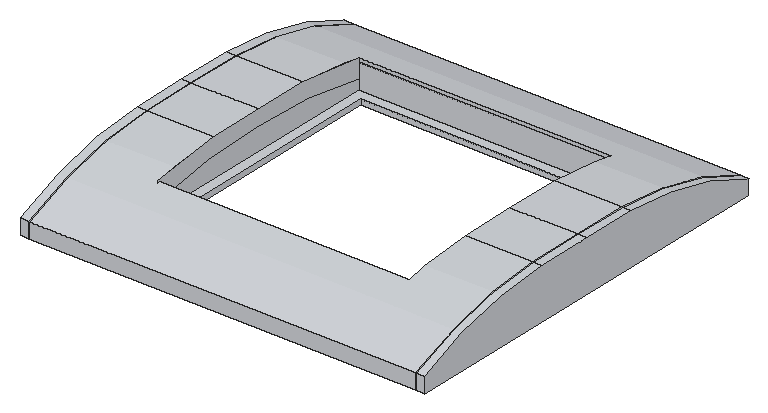
Revit family "Gira_0211328", category Electrical Fixtures, host Face, Revit 2017
Family settings
  Host = Face
  Maintain Annotation Orientation = No
  Round Connector Dimension = Use Diameter
  Part Type = Normal
  Cut with Voids When Loaded = No
  Shared = No
  Room Calculation Point = No
Parameters (values of type "Cov.fr. 1-g interm.fr. PW Gira Event anthra.")
  With mounting grid = "No"
  With hinged lid = "No"
  URL = "http://katalog.gira.de/en/datenblatt.html?artikelnr=0211328"
  Type of fastening = "Clamp mounting"
  Transparent = "No"
  Surface protection = "Other"
  Suitable for wall duct = "No"
  Suitable for flush-mounted installation = "Yes"
  Suitable for floor box = "No"
  Suitable for built-in installation = "No"
  Number of units vertical = "1"
  Number of units horizontal = "1"
  Number of units = "1"
  Name = "Cov.fr. 1-g interm.fr. PW Gira Event anthra."
  Mounting direction = "Horizontal and vertical"
  Material quality = "Thermoplastic"
  Material = "Plastic"
  Manufacturer URL = "https://www.gira.de/"
  Manufacturer = "Gira"
  Label space/information surface = "No"
  Keynote = ""
  HeinzeBIM = "https://bimportal.heinze.de/bim/cov-fr-1-g-interm-fr-pw-gira-event-anthra-/10618a4adf2a14338daf1e436ffd3b1310e248fb"
  Halogen free = "Yes"
  HAN = "0211328"
  GTIN = "4010337074229"
  Description = "Cov.fr.1g i.fr.PW Event AN,Gira Event frames,anthracite with pure white glossy intermediate frame,1-gang,Features:,- Shatter-proof."
  Degree of protection (IP) = "IP20"
  Default Elevation = 1219.2 mm
  Data sheet (1) = "https://katalog.gira.de/en/download.html?artikelnr=0211328"
  Colour = "Anthracite"
  Category = "Cover frame for domestic switching devices"
  BIM (1) = "https://media.stage.bim.site/public/gira/36a6b08/Event_Rahmen_1fach.rfa"
  Available = "No"
Reference planes
  plane 1 "Center (Front/Back)": y = 0
  plane 2: z = 0
  plane 3 "Center (Left/Right)": x = 0
Forms (mm)
  Extrusion 1, solid, detail levels fine
    sketch origin (0, 0, 1.55) x (0, 1, 0) y (0, 0, 1)
      loop
        arc (12.445, 9.683) -> (6.223, 9.833) -> (0, 9.85) r 291.636
        arc (0, 9.85) -> (-6.223, 9.833) -> (-12.445, 9.683) r 291.636
        arc (-12.445, 9.683) -> (-29.14, 7.482) -> (-45, 1.823) r 79.728
        line (-45, 1.823) -> (-45, -1.55) -> (-41.777, -1.55) -> (-41.777, -0.55)
        arc (-41.777, -0.55) -> (-21.205, 4.846) -> (0, 6.467) r 118.15
        arc (0, 6.467) -> (21.205, 4.846) -> (41.777, -0.55) r 118.15
        line (41.777, -0.55) -> (41.777, -1.55) -> (45, -1.55) -> (45, 1.823)
        arc (45, 1.823) -> (29.14, 7.482) -> (12.445, 9.683) r 79.728
    from -43 to 43
  Extrusion 2, void, detail levels fine
    sketch origin (0, 0, 0) x (1, 0, 0) y (0, 1, 0)
      loop
        line (-28, -28) -> (28, -28) -> (28, 28) -> (-28, 28) -> (-28, -28)
    from 2.85 to 12
  Extrusion 3, solid, detail levels coarse
    sketch origin (0, 0, 0) x (1, 0, 0) y (0, 1, 0)
      loop
        line (-45, 45) -> (-45, -45) -> (45, -45) -> (45, 45) -> (-45, 45)
    from 0 to 11.4
  Extrusion 4, solid, detail levels medium
    sketch origin (0, 0, 1.55) x (0, 1, 0) y (0, 0, 1)
      loop
        arc (12.445, 9.683) -> (6.223, 9.833) -> (0, 9.85) r 291.636
        arc (0, 9.85) -> (-6.223, 9.833) -> (-12.445, 9.683) r 291.636
        arc (-12.445, 9.683) -> (-29.14, 7.482) -> (-45, 1.823) r 79.728
        line (-45, 1.823) -> (-45, -1.55) -> (45, -1.55) -> (45, 1.823)
        arc (45, 1.823) -> (29.14, 7.482) -> (12.445, 9.683) r 79.728
    from -45 to 45
  Extrusion 5, solid, detail levels fine
    sketch origin (0, 0, 0) x (0, 1, 0) y (0, 0, 1)
      loop
        arc (45, 3.373) -> (29.14, 9.032) -> (12.445, 11.233) r 79.728
        arc (12.445, 11.233) -> (6.223, 11.383) -> (0, 11.4) r 291.636
        arc (0, 11.4) -> (-6.223, 11.383) -> (-12.445, 11.233) r 291.636
        arc (-12.445, 11.233) -> (-29.14, 9.032) -> (-45, 3.373) r 79.728
        line (-45, 3.373) -> (-45, 0) -> (45, 0) -> (45, 3.373)
    from 43 to 45
  Extrusion 6, solid, detail levels fine
    sketch origin (0, 0, 0) x (0, 1, 0) y (0, 0, -1)
      loop
        line (45, -3.373) -> (45, 0) -> (-45, 0) -> (-45, -3.373)
        arc (-45, -3.373) -> (-29.14, -9.032) -> (-12.445, -11.233) r 79.728
        arc (-12.445, -11.233) -> (-6.223, -11.383) -> (0, -11.4) r 291.636
        arc (0, -11.4) -> (6.223, -11.383) -> (12.445, -11.233) r 291.636
        arc (12.445, -11.233) -> (29.14, -9.032) -> (45, -3.373) r 79.728
    from 43 to 45
  Extrusion 7, solid, detail levels fine
    sketch origin (0, 0, 0) x (1, 0, 0) y (0, 1, 0)
      loop
        line (-25.7, 25.7) -> (-25.7, -25.7) -> (25.7, -25.7) -> (25.7, 25.7) -> (-25.7, 25.7)
      loop
        line (-29.495, 27.895) -> (-29.495, -27.895)
        spline (-29.495, -27.895) -> (-29.486, -28.025) -> (-29.461, -28.154) -> (-29.419, -28.278) -> (-29.361, -28.395) -> (-29.288, -28.504) -> (-29.202, -28.602) -> (-29.104, -28.688) -> (-28.995, -28.761) -> (-28.878, -28.819) -> (-28.754, -28.861) -> (-28.625, -28.886) -> (-28.495, -28.895)
        line (-28.495, -28.895) -> (28.495, -28.895)
        spline (28.495, -28.895) -> (28.625, -28.886) -> (28.754, -28.861) -> (28.878, -28.819) -> (28.995, -28.761) -> (29.104, -28.688) -> (29.202, -28.602) -> (29.288, -28.504) -> (29.361, -28.395) -> (29.419, -28.278) -> (29.461, -28.154) -> (29.486, -28.025) -> (29.495, -27.895)
        line (29.495, -27.895) -> (29.495, 27.895)
        spline (29.495, 27.895) -> (29.486, 28.025) -> (29.461, 28.154) -> (29.419, 28.278) -> (29.361, 28.395) -> (29.288, 28.504) -> (29.202, 28.602) -> (29.104, 28.688) -> (28.995, 28.761) -> (28.878, 28.819) -> (28.754, 28.861) -> (28.625, 28.886) -> (28.495, 28.895)
        line (28.495, 28.895) -> (-28.495, 28.895)
        spline (-28.495, 28.895) -> (-28.625, 28.886) -> (-28.754, 28.861) -> (-28.878, 28.819) -> (-28.995, 28.761) -> (-29.104, 28.688) -> (-29.202, 28.602) -> (-29.288, 28.504) -> (-29.361, 28.395) -> (-29.419, 28.278) -> (-29.461, 28.154) -> (-29.486, 28.025) -> (-29.495, 27.895)
    from 1.673 to 8.5
Cuts and joins
  Extrusion 2 cuts Extrusion 1
  Extrusion 2 cuts Extrusion 7
Dimensions and locks
  aligned and locked: plane 2 to host face
  aligned and locked: level to host face
